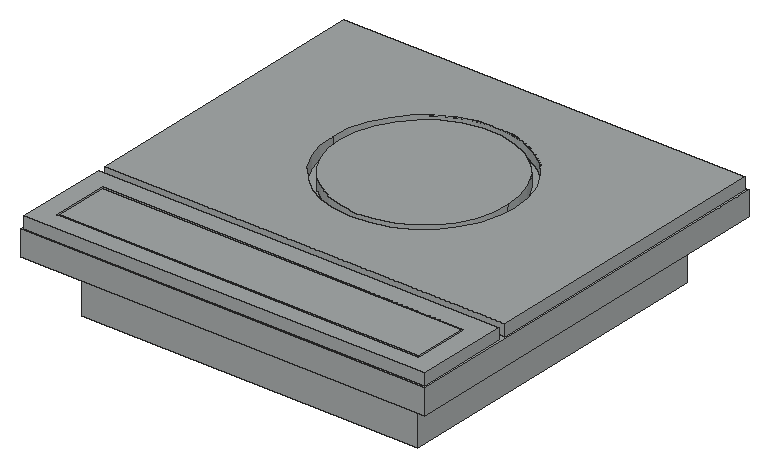
Revit family "Gira_5534920", category Electrical Fixtures, host Face, Revit 2017
Family settings
  Host = Face
  Maintain Annotation Orientation = Yes
  Round Connector Dimension = Use Diameter
  Part Type = Normal
  Cut with Voids When Loaded = No
  Shared = No
  Room Calculation Point = No
Parameters (values of type "Ruftastenmodul 4f System 106 Edelstahl")
  URL = "http://katalog.gira.de/de_DE/datenblatt.html?artikelnr=5534920"
  Region = "DE"
  Name = "Ruftastenmodul 4f System 106 Edelstahl"
  Model = "Sys106_Abdeckung_Schalten und Tasten"
  Manufacturer URL = "https://www.gira.de/"
  Installationstechnik = "Bus-System"
  Höhe = "0,1065 m"
  HeinzeBIM = "https://bimportal.heinze.de/bim/ruftastenmodul-4f-system-106-edelstahl/cd27312dd71227d3f6205e19500f044878fedf58"
  HAN = "5534920"
  GTIN = "4010337022527"
  Edelstahl [instance] = Edelstahl
  Default Elevation = 1219.2 mm
  Data sheet (1) = "https://katalog.gira.de/de_DE/download.html?artikelnr=5534920"
  Category = "Funktionsmodul für Türkommunikation"
  Breite = "0,1065 m"
  Available = "Yes"
  Anzahl der Klingeltasten = "4 "
Reference planes
  plane 1 "Center (Front/Back)": y = 0
  plane 2 "Reference Level 0": z = 0
  plane 3 "Center (Left/Right)": x = 0
  plane 4 "Reference Level 1": z = 9.5
Forms (mm)
  Extrusion 1, solid, material "Edelstahl" <- "Edelstahl", detail levels coarse
    sketch origin (0, 0, 0) x (1, 0, 0) y (0, 1, 0)
      loop
        line (-53, 53) -> (-53, -53) -> (53, -53) -> (53, 53) -> (-53, 53)
    from -14.7 to 9.5
  Extrusion 2, solid, material "Edelstahl" <- "Edelstahl", detail levels fine
    sketch origin (0, 0, 0) x (1, 0, 0) y (0, 1, 0)
      loop
        line (52.5, -28) -> (-52.5, -28) -> (-52.5, -52.5) -> (52.5, -52.5) -> (52.5, -28)
      loop
        line (-47.5, -48) -> (47.5, -48) -> (47.5, -33) -> (-47.5, -33) -> (-47.5, -48)
    from 6.5 to 9.5
  Extrusion 3, solid, material "Edelstahl" <- "Edelstahl", detail levels fine
    sketch origin (0, 0, 0) x (1, 0, 0) y (0, 1, 0)
      loop
        line (-52.5, 52.5) -> (-52.5, -26) -> (52.5, -26) -> (52.5, 52.5) -> (-52.5, 52.5)
      loop
        circle (0, 13) r 24
    from 6.5 to 9.5
  Extrusion 4, solid, material "Edelstahl" <- "Edelstahl", detail levels medium+fine
    sketch origin (0, 0, 0) x (1, 0, 0) y (0, 1, 0)
      loop
        line (-53, 53) -> (-53, -53) -> (53, -53) -> (53, 53) -> (-53, 53)
    from 0 to 6.5
  Extrusion 5, solid, material "Edelstahl" <- "Edelstahl", detail levels fine
    sketch origin (0, 0, 0) x (1, 0, 0) y (0, 1, 0)
      loop
        line (-44, 44) -> (-44, -44) -> (44, -44) -> (44, 44) -> (-44, 44)
    from -14.7 to 0
  Extrusion 6, solid, material "Edelstahl" <- "Edelstahl", detail levels fine
    sketch origin (0, 0, 0) x (1, 0, 0) y (0, 1, 0)
      loop
        circle (0, 13) r 22
    from 6.5 to 9.5
  Extrusion 7, solid, material "Edelstahl" <- "Edelstahl", detail levels fine
    sketch origin (0, 0, 0) x (1, 0, 0) y (0, 1, 0)
      loop
        line (-47, -33.5) -> (-47, -47.5) -> (47, -47.5) -> (47, -33.5) -> (-47, -33.5)
    from 6.5 to 9.5
  Extrusion 8, solid, material "Edelstahl" <- "Edelstahl", detail levels medium
    sketch origin (0, 0, 0) x (1, 0, 0) y (0, 1, 0)
      loop
        line (-52.5, 52.5) -> (-52.5, -26) -> (52.5, -26) -> (52.5, 52.5) -> (-52.5, 52.5)
      loop
        line (-52.5, -28) -> (-52.5, -52.5) -> (52.5, -52.5) -> (52.5, -28) -> (-52.5, -28)
    from 6.5 to 9.5
  Extrusion 9, solid, material "Edelstahl" <- "Edelstahl", detail levels medium
    sketch origin (0, 0, 0) x (1, 0, 0) y (0, 1, 0)
      loop
        circle (0, 13) r 24
      loop
        line (-47.5, -33) -> (-47.5, -48) -> (47.5, -48) -> (47.5, -33) -> (-47.5, -33)
    from 6.5 to 9.5
Dimensions and locks
  aligned and locked: plane 2 "Reference Level 0" to host face
  aligned and locked: level to host face
  aligned and locked: Extrusion 4 to host face
  aligned and locked: Extrusion 4 to level
  aligned and locked: level to Extrusion 5
  aligned and locked: level to Extrusion 4
  aligned and locked: Extrusion 4 to plane 2 "Reference Level 0"
  aligned and locked: plane 2 "Reference Level 0" to Extrusion 5
  aligned and locked: plane 3 "Center (Left/Right)" to nested 1
  aligned and locked: plane 1 "Center (Front/Back)" to nested 1
Nested families
  nested 1: "Schalter" at (0, 0, 0), type "Schalter"
Connectors
  electrical at (0, 0, -14.7)
    settings: on Extrusion 5, index 1, voltage 220 V, apparent load 0 VA, apparent load phase1 0 VA, apparent load phase2 0 VA, apparent load phase3 0 VA, power factor 1, load classification "Other", number of poles 1, system type 30, power factor state 1, is connector primary yes, connector utility no, sub classification motor no, connector description ""
Definition of nested family "Schalter"
  Reference planes
    plane 1: y = 0
    plane 2: x = 0
  Lines and regions (mm)
    detail lines
      curve 1: circle (1.375, 2.778, 0) r 0.8 normal (0, 0, 1)
      curve 2: line (1.021, 2.061, 0) -> (0, 0, 0)
      curve 3: line (0, 0, 0) -> (-0.538, 0.266, 0)
  Dimensions and locks
    curve 2 to curve 2 = 2.3 mm
    curve 3 to curve 2 = 0.6 mm
    radius of curve 1 = 0.8 mm
